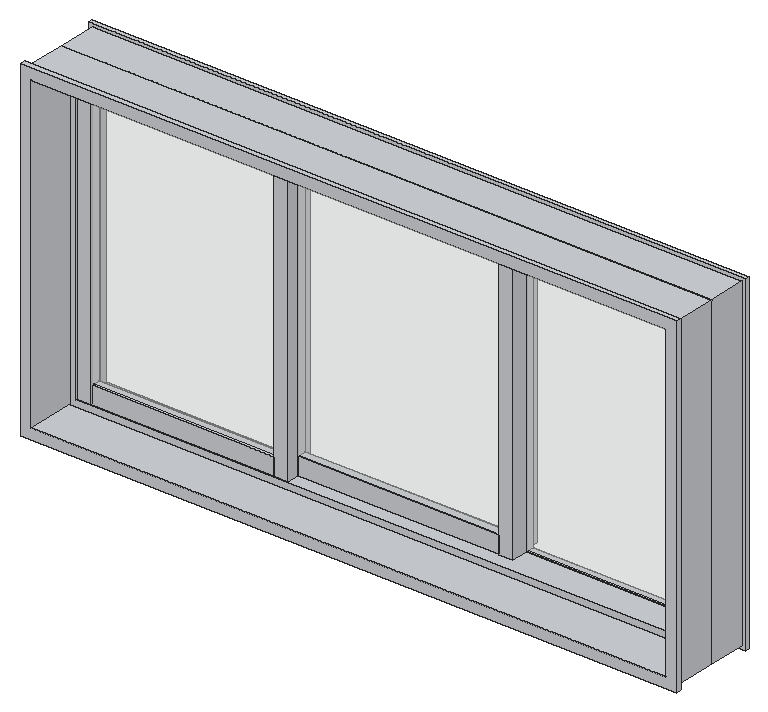
Revit family "APL Residential Thermal Heart Sliding Window SSF", category Windows, host Wall, Revit 2017 (continued)
Definition of nested family "APL Residential Thermal Heart Sliding Window SSF Vertical Section"
  Definition of nested family "Three Panel Head"
    Definition of nested family "65410_Frame"
      Lines and regions (mm)
        model lines, in view "Ref. Level"
          curve 779: line (128.493, -21.648, 0) -> (128.538, -21.816, 0)
          curve 780: line (128.538, -21.816, 0) -> (130.668, -22.49, 0)
          curve 781: line (130.668, -22.49, 0) -> (130.9, -22.5, 0)
          curve 782: line (131, -21.753, 0) -> (131, -18.525, 0)
          curve 783: line (131, -18.525, 0) -> (131.194, -17.75, 0)
          curve 784: line (131, -17.5, 0) -> (130.479, -17.5, 0)
          curve 785: line (130.479, -17.5, 0) -> (129.069, -18.309, 0)
          curve 786: line (128.5, -18.45, 0) -> (128.5, -16.874, 0)
          curve 787: line (128.5, -15.126, 0) -> (128.5, -13.55, 0)
          curve 788: line (129.069, -13.691, 0) -> (130.323, -14.456, 0)
          curve 789: line (130.323, -14.456, 0) -> (131, -14.5, 0)
          curve 790: line (131.194, -14.25, 0) -> (131, -13.5, 0)
          curve 791: line (131.006, -13.525, 0) -> (131, -10.247, 0)
          curve 792: line (130.746, -9.5, 0) -> (128.679, -10.043, 0)
          curve 793: line (128.679, -10.043, 0) -> (128.493, -10.352, 0)
          curve 794: line (128.159, -10.441, 0) -> (127.795, -10.078, 0)
          curve 795: line (127.708, -9.892, 0) -> (127.501, -7.526, 0)
          curve 796: line (127.903, -7.218, 0) -> (129.313, -7.732, 0)
          curve 797: line (130.083, -8, 0) -> (132.7, -8, 0)
          curve 798: line (132.9, -8.2, 0) -> (132.9, -11.3, 0)
          curve 799: line (133.1, -11.5, 0) -> (135.2, -11.5, 0)
          curve 800: line (135.4, -11.3, 0) -> (135.4, -10.2, 0)
          curve 801: line (135.6, -10, 0) -> (141.4, -10, 0)
          curve 802: line (141.4, -10, 0) -> (141.8, -10.4, 0)
          curve 803: line (141.8, -10.4, 0) -> (142.2, -10, 0)
          curve 804: line (142.2, -10, 0) -> (147.9, -10, 0)
          curve 805: line (148.1, -10.2, 0) -> (148.1, -11.1, 0)
          curve 806: line (148.3, -11.3, 0) -> (155.1, -11.3, 0)
          curve 807: line (155.6, -10.8, 0) -> (155.6, -9.5, 0)
          curve 808: line (155.4, -9.3, 0) -> (153.3, -9.3, 0)
          curve 809: line (153.1, -9.1, 0) -> (153.1, -8.2, 0)
          curve 810: line (153.3, -8, 0) -> (155.5, -8, 0)
          curve 811: line (156, -7.5, 0) -> (156, -1.2, 0)
          curve 812: line (156.5, -0.7, 0) -> (157.3, -0.7, 0)
          curve 813: line (157.5, -0.9, 0) -> (157.5, -1.7, 0)
          curve 814: line (157.5, -1.7, 0) -> (159.3, -1.7, 0)
          curve 815: line (159.5, -1.5, 0) -> (159.5, 3.4, 0)
          curve 816: line (159.5, 4.2, 0) -> (159.5, 9.1, 0)
          curve 817: line (159.3, 9.3, 0) -> (157.5, 9.3, 0)
          curve 818: line (157.5, 9.3, 0) -> (157.5, 8.7, 0)
          curve 819: line (156.5, 8.8, 0) -> (156.5, 11.35, 0)
          curve 820: line (157.5, 11.35, 0) -> (157.5, 10.5, 0)
          curve 821: line (157.7, 10.3, 0) -> (159.3, 10.3, 0)
          curve 822: line (159.5, 10.5, 0) -> (159.5, 11.704, 0)
          curve 823: arc (159.5, 11.704, 0) -> (159.473, 11.804, 0) -> (159.4, 11.877, 0) r 0.2
          curve 824: arc (116.2, -13.6, 0) -> (116.317, -13.883, 0) -> (116.6, -14, 0) r 0.4
          curve 825: arc (116.893, -14, 0) -> (116.996, -13.986, 0) -> (117.093, -13.946, 0) r 0.4
          curve 826: arc (118.621, -13.061, 0) -> (118.911, -12.941, 0) -> (119.222, -12.9, 0) r 1.2
          curve 827: arc (120.145, -12.9, 0) -> (120.718, -12.719, 0) -> (121.084, -12.242, 0) r 1
          curve 828: arc (121.877, -10.063, 0) -> (122.024, -9.872, 0) -> (122.253, -9.8, 0) r 0.4
          curve 829: arc (124.947, -9.8, 0) -> (125.176, -9.872, 0) -> (125.323, -10.063, 0) r 0.4
          curve 830: arc (126.116, -12.242, 0) -> (126.482, -12.719, 0) -> (127.055, -12.9, 0) r 1
          curve 831: arc (127.978, -12.9, 0) -> (128.289, -12.941, 0) -> (128.579, -13.061, 0) r 1.2
          curve 832: arc (130.107, -13.946, 0) -> (130.204, -13.986, 0) -> (130.307, -14, 0) r 0.4
          curve 833: arc (130.6, -14, 0) -> (130.883, -13.883, 0) -> (131, -13.6, 0) r 0.4
          curve 834: arc (131, -10.2, 0) -> (130.883, -9.917, 0) -> (130.6, -9.8, 0) r 0.4
          curve 835: arc (130.307, -9.8, 0) -> (130.204, -9.814, 0) -> (130.107, -9.854, 0) r 0.4
          curve 836: arc (128.579, -10.739, 0) -> (128.285, -10.86, 0) -> (127.97, -10.9, 0) r 1.2
          curve 837: arc (127.97, -10.9, 0) -> (127.795, -10.847, 0) -> (127.684, -10.703, 0) r 0.3
          curve 838: arc (126.796, -8.263, 0) -> (126.649, -8.072, 0) -> (126.42, -8, 0) r 0.4
          curve 839: arc (120.78, -8, 0) -> (120.551, -8.072, 0) -> (120.404, -8.263, 0) r 0.4
          curve 840: arc (119.516, -10.703, 0) -> (119.405, -10.847, 0) -> (119.23, -10.9, 0) r 0.3
          curve 841: arc (119.23, -10.9, 0) -> (118.915, -10.86, 0) -> (118.621, -10.739, 0) r 1.2
          curve 842: arc (117.093, -9.854, 0) -> (116.996, -9.814, 0) -> (116.893, -9.8, 0) r 0.4
          curve 843: arc (116.6, -9.8, 0) -> (116.317, -9.917, 0) -> (116.2, -10.2, 0) r 0.4
          curve 844: line (116.6, -14, 0) -> (116.893, -14, 0)
          curve 845: line (117.093, -13.946, 0) -> (118.621, -13.061, 0)
          curve 846: line (119.222, -12.9, 0) -> (120.145, -12.9, 0)
          curve 847: line (121.084, -12.242, 0) -> (121.877, -10.063, 0)
          curve 848: line (122.253, -9.8, 0) -> (124.947, -9.8, 0)
          curve 849: line (125.323, -10.063, 0) -> (126.116, -12.242, 0)
          curve 850: line (127.055, -12.9, 0) -> (127.978, -12.9, 0)
          curve 851: line (128.579, -13.061, 0) -> (130.107, -13.946, 0)
          curve 852: line (130.307, -14, 0) -> (130.6, -14, 0)
          curve 853: line (131, -13.6, 0) -> (131, -10.2, 0)
          curve 854: line (130.6, -9.8, 0) -> (130.307, -9.8, 0)
          curve 855: line (130.107, -9.854, 0) -> (128.579, -10.739, 0)
          curve 856: line (127.684, -10.703, 0) -> (126.796, -8.263, 0)
          curve 857: line (126.42, -8, 0) -> (120.78, -8, 0)
          curve 858: line (120.404, -8.263, 0) -> (119.516, -10.703, 0)
          curve 859: line (118.621, -10.739, 0) -> (117.093, -9.854, 0)
          curve 860: line (116.893, -9.8, 0) -> (116.6, -9.8, 0)
          curve 861: line (116.2, -10.2, 0) -> (116.2, -13.6, 0)
          curve 862: arc (116.2, -18.4, 0) -> (116.317, -18.117, 0) -> (116.6, -18, 0) r 0.4
          curve 863: arc (116.893, -18, 0) -> (116.996, -18.014, 0) -> (117.093, -18.054, 0) r 0.4
          curve 864: arc (118.621, -18.939, 0) -> (118.911, -19.059, 0) -> (119.222, -19.1, 0) r 1.2
          curve 865: arc (120.145, -19.1, 0) -> (120.718, -19.281, 0) -> (121.084, -19.758, 0) r 1
          curve 866: arc (121.877, -21.937, 0) -> (122.024, -22.128, 0) -> (122.253, -22.2, 0) r 0.4
          curve 867: arc (124.947, -22.2, 0) -> (125.176, -22.128, 0) -> (125.323, -21.937, 0) r 0.4
          curve 868: arc (126.116, -19.758, 0) -> (126.482, -19.281, 0) -> (127.055, -19.1, 0) r 1
          curve 869: arc (127.978, -19.1, 0) -> (128.289, -19.059, 0) -> (128.579, -18.939, 0) r 1.2
          curve 870: arc (130.107, -18.054, 0) -> (130.204, -18.014, 0) -> (130.307, -18, 0) r 0.4
          curve 871: arc (130.6, -18, 0) -> (130.883, -18.117, 0) -> (131, -18.4, 0) r 0.4
          curve 872: arc (131, -21.8, 0) -> (130.883, -22.083, 0) -> (130.6, -22.2, 0) r 0.4
          curve 873: arc (130.307, -22.2, 0) -> (130.204, -22.186, 0) -> (130.107, -22.146, 0) r 0.4
          curve 874: arc (128.579, -21.262, 0) -> (128.285, -21.14, 0) -> (127.97, -21.1, 0) r 1.2
          curve 875: arc (127.97, -21.1, 0) -> (127.795, -21.153, 0) -> (127.684, -21.297, 0) r 0.3
          curve 876: arc (126.796, -23.737, 0) -> (126.649, -23.928, 0) -> (126.42, -24, 0) r 0.4
          curve 877: arc (120.78, -24, 0) -> (120.551, -23.928, 0) -> (120.404, -23.737, 0) r 0.4
          curve 878: arc (119.516, -21.297, 0) -> (119.405, -21.153, 0) -> (119.23, -21.1, 0) r 0.3
          curve 879: arc (119.23, -21.1, 0) -> (118.915, -21.14, 0) -> (118.621, -21.262, 0) r 1.2
          curve 880: arc (117.093, -22.146, 0) -> (116.996, -22.186, 0) -> (116.893, -22.2, 0) r 0.4
          curve 881: arc (116.6, -22.2, 0) -> (116.317, -22.083, 0) -> (116.2, -21.8, 0) r 0.4
          curve 882: line (116.6, -18, 0) -> (116.893, -18, 0)
          curve 883: line (117.093, -18.054, 0) -> (118.621, -18.939, 0)
          curve 884: line (119.222, -19.1, 0) -> (120.145, -19.1, 0)
          curve 885: line (121.084, -19.758, 0) -> (121.877, -21.937, 0)
          curve 886: line (122.253, -22.2, 0) -> (124.947, -22.2, 0)
          curve 887: line (125.323, -21.937, 0) -> (126.116, -19.758, 0)
          curve 888: line (127.055, -19.1, 0) -> (127.978, -19.1, 0)
          curve 889: line (128.579, -18.939, 0) -> (130.107, -18.054, 0)
          curve 890: line (130.307, -18, 0) -> (130.6, -18, 0)
          curve 891: line (131, -18.4, 0) -> (131, -21.8, 0)
          curve 892: line (130.6, -22.2, 0) -> (130.307, -22.2, 0)
          curve 893: line (130.107, -22.146, 0) -> (128.579, -21.262, 0)
          curve 894: line (127.684, -21.297, 0) -> (126.796, -23.737, 0)
          curve 895: line (126.42, -24, 0) -> (120.78, -24, 0)
          curve 896: line (120.404, -23.737, 0) -> (119.516, -21.297, 0)
          curve 897: line (118.621, -21.262, 0) -> (117.093, -22.146, 0)
          curve 898: line (116.893, -22.2, 0) -> (116.6, -22.2, 0)
          curve 899: line (116.2, -21.8, 0) -> (116.2, -18.4, 0)
      Text (mm)
        text "65410" at (71.918, 37.65, 0), in view "Ref. Level"
Definition of nested family "APL Residential Thermal Heart Sliding Window SSF Horizontal Section"
  Parameters (values of type "Groove")
    Liner End [instance] = 10 mm
    Liner Block = Liner : Liner
    Liner [instance] = 100 mm
    Groove [instance] = 10 mm
    Glass Length [instance] = (Box Width / 3) - 26 mm  # 307.333 mm
    Glass Door Length [instance] = (Box Width / 3) - 95 mm  # 238.333 mm
    Glass Fixed Length [instance] = (Box Width / 3) - 45 mm  # 288.333 mm
    Box Width [instance] = 1000 mm
  Types (2, lengths in mm): name | Liner Block | Glass Length | Glass Door Length | Glass Fixed Length | Box Width
    Groove | Liner : Liner | 307.333 | 238.333 | 288.333 | 1000
    No Groove | Liner No Groove : Liner No Groove | 140.667 | 71.667 | 121.667 | 500
  Reference planes
    plane 1 "Center (Front/Back)": y = 40.148
    plane 2: z = 0
    plane 3 "Center (Left/Right)": x = -0.083
    plane 4: x = -500.083
    plane 5: x = 499.917
    plane 6: y = 197.297
    plane 7: y = 197.648
    plane 8: x = 507.417
    plane 9: y = 57.796
    plane 10: x = -166.75
    plane 11: x = 166.584
  Dimensions and locks
    equal spacing: plane 4, plane 3 "Center (Left/Right)", plane 5
    "Box Width": plane 4 to plane 5
    "Liner": plane 6 to nested 1
    "Liner": plane 7 to nested 2
    plane 8 to plane 5 = 7.5 mm
    equal spacing: plane 4, plane 10, plane 11, plane 5
    locked: plane 4 to nested 10 at 83.303
    locked: nested 11 to nested 10 at 6.062
    nested 9 to plane 10 to nested 3 = 12.372 mm locked, 13.593 mm locked
    locked: nested 9 to nested 8 at 5.965
    locked: nested 8 to nested 3 at 6.002
    locked: nested 4 to nested 7 at 6.023
    locked: nested 7 to nested 5 at 6.328
    nested 4 to plane 11 to nested 5 = 12.43 mm locked, 13.918 mm locked
    locked: nested 6 to nested 12 at 6.34
    locked: nested 6 to plane 5 at 30.34
    locked: nested 1 to nested 11 at 22.397
    locked: nested 12 to nested 2 at 22.396
    aligned and locked: plane 7 to nested 2
    aligned and locked: plane 5 to nested 12
  Nested families
    nested 1: "Liner" at (-479.48, 197.297, 0) x (0, 1, 0) z (0, 0, 1), type <- "Liner Block", type "Liner", in view "Ref. Level", detail levels fine
      with built-in parameter 1001306 0.32808 (stored number, unit not read)
    nested 2: "Liner" at (479.313, 197.648, 0) x (0, 1, 0) z (0, 0, 1), type <- "Liner Block", type "Liner", in view "Ref. Level", detail levels fine
      with built-in parameter 1001306 0.32808 (stored number, unit not read)
    nested 3: "Glass" at (-153.157, 117.798, 0) x (0, 1, 0) z (0, 0, 1), Glass Lenght <- "Glass Length", type "Glass", in view "Ref. Level", detail levels fine
      with Glass Lenght 307.333 mm
    nested 4: "Glass" at (154.153, 117.798, 0) x (0, 1, 0) z (0, 0, 1), Glass Lenght <- "Glass Length", type "Glass", in view "Ref. Level", detail levels fine
      with Glass Lenght 307.333 mm
    nested 5: "Glazing Bead" at (180.502, 55.648, 0) x (0, 1, 0) z (0, 0, 1), Glass Lenght <- "Glass Fixed Length", type "Glazing Bead", in view "Ref. Level", detail levels fine
      with Glass Lenght 288.333 mm
    nested 6: "Glazing Bead" at (469.577, 55.648, 0) x (0, 1, 0) z (0, 0, 1), Glass Lenght <- "Glass Fixed Length", type "Glazing Bead", in view "Ref. Level", detail levels fine
      with Glass Lenght 288.333 mm
    nested 7: "Heavy Duty Interlocker" at (166.584, 110.598, 0) x (-1, 0, 0) z (0, 0, 1), type "Heavy Duty Interlocker", in view "Ref. Level", detail levels fine
    nested 8: "Reverse Interlocker" at (-166.75, 156.597, 0) x (-1, 0, 0) z (0, 0, 1), type "Reverse Interlocker", in view "Ref. Level", detail levels fine
    nested 9: "Glass" at (-179.122, 163.797, 0) x (0, 1, 0) z (0, 0, 1), Glass Lenght <- "Glass Door Length", type "Glass", in view "Ref. Level", detail levels fine
      with Glass Lenght 238.333 mm
    nested 10: "Glass" at (-416.78, 163.797, 0) x (0, 1, 0) z (0, 0, 1), Glass Lenght <- "Glass Door Length", type "Glass", in view "Ref. Level", detail levels fine
      with Glass Lenght 238.333 mm
    nested 11: "Jamb Multislider Stile" at (-500.083, 39.797, 0) x (-1, 0, 0) z (0, 0, 1), type "Jamb Multislider Stile", in view "Ref. Level", detail levels fine
    nested 12: "Jamb Multislider Fixed" at (499.917, 40.148, 0) x (-1, 0, 0) z (0, 0, 1), type "Jamb Multislider Fixed", in view "Ref. Level", detail levels fine
  Definition of nested family "Liner"
    Parameters (values of type "Liner")
      Type Image = (empty or 0)
      built-in parameter 1001306 [instance] = 100 mm
      Groove [instance] = 10 mm
      End Liner [instance] = 10 mm
    Reference planes
      plane 1 "Center (Front/Back)": y = 0
      plane 2: z = 0
      plane 3 "Left": x = 0
      plane 4 "Right": x = 100
    Lines and regions (mm)
      Filled region 1, type "Brick", in view "Ref. Level"
        outline origin (0, 0, 0) x (1, 0, 0) y (0, 1, 0)
          loop
            line (0, 0) -> (120, 0) -> (120, 19) -> (110, 19) -> (110, 13.435) -> (100, 13.435) -> (100, 19) -> (0, 19) -> (0, 0)
      reference lines, in view "Ref. Level"
        curve 1: line (0, 0, 0) -> (100, 0, 0)
      detail lines, in view "Ref. Level", detail levels fine
        curve 2: line (100, 0, 0) -> (0, 0, 0)
    Dimensions and locks
      "built-in parameter 1001306": plane 3 "Left" to plane 4 "Right"
      locked: Filled region 1 to curve 2 at 19
      "Groove": plane 4 "Right" to Filled region 1
      "End Liner": Filled region 1 to Filled region 1
      aligned and locked: plane 1 "Center (Front/Back)" to curve 1
      aligned and locked: plane 3 "Left" to curve 1
      aligned and locked: plane 4 "Right" to curve 1
      aligned and locked: curve 1 to Filled region 1
      aligned and locked: plane 1 "Center (Front/Back)" to Filled region 1
      aligned and locked: Filled region 1 to plane 3 "Left"
    Automatic sketch dimensions
      curve 2 to plane 4 "Right" = 0 mm
      Filled region 1 sketch curve to plane 3 "Left" = 0 mm
      Filled region 1 sketch curve to plane 4 "Right" = 0 mm
      Filled region 1 sketch curve to Filled region 1 sketch curve = 10 mm  (x2)
      Filled region 1 sketch curve to plane 1 "Center (Front/Back)" = 0 mm
      Filled region 1 sketch curve to plane 1 "Center (Front/Back)" = 13.435 mm
      Filled region 1 sketch curve to Filled region 1 sketch curve = 5.565 mm  (x2)
      curve 2 to plane 3 "Left" = 0 mm
  Definition of nested family "Glass"
    Parameters (values of type "Glass")
      Glass Lenght [instance] = 50 mm
    Reference planes
      plane 1 "Center (Front/Back)": y = 0
      plane 2: z = 0
      plane 3 "Center (Left/Right)": x = 0
      plane 4: y = -50
    Lines and regions (mm)
      Filled region 1, type "Solid Fill - Black", in view "Ref. Level"
        outline origin (0, 0, 0) x (1, 0, 0) y (0, 1, 0)
          loop
            line (4, 0) -> (4, -12) -> (20, -12) -> (20, 0) -> (4, 0)
      model lines, in view "Ref. Level"
        curve 1: line (4, -12, 0) -> (20, -12, 0)
        curve 2: line (0, -50, 0) -> (0, 0, 0)
        curve 3: line (0, 0, 0) -> (24, 0, 0)
        curve 4: line (24, 0, 0) -> (24, -50, 0)
        curve 5: line (20, 0, 0) -> (20, -50, 0)
        curve 6: line (4, 0, 0) -> (4, -50, 0)
      detail lines, in view "Ref. Level"
        curve 7: arc (25, -11.728, 0) -> (24.979, -11.828, 0) -> (24.92, -11.912, 0) r 0.25
        curve 8: arc (24.161, -12.614, 0) -> (24.042, -12.78, 0) -> (24, -12.981, 0) r 0.5
        curve 9: arc (24, -14.404, 0) -> (24.088, -14.594, 0) -> (24.289, -14.651, 0) r 0.25
        curve 10: arc (28.489, -13.997, 0) -> (28.647, -13.904, 0) -> (28.699, -13.728, 0) r 0.25
        curve 11: arc (27.5, -9.1, 0) -> (27.711, -8.984, 0) -> (27.727, -8.744, 0) r 0.25
        curve 12: arc (26.033, -5.114, 0) -> (25.642, -4.858, 0) -> (25.24, -5.095, 0) r 0.442
        curve 13: arc (24.864, -5.812, 0) -> (24.414, -6.357, 0) -> (24.052, -6.964, 0) r 4.62
        curve 14: arc (24.052, -6.964, 0) -> (24.013, -7.073, 0) -> (24, -7.187, 0) r 0.5
        curve 15: arc (24, -7.743, 0) -> (24.132, -7.931, 0) -> (24.353, -7.871, 0) r 0.2
        curve 16: arc (24.353, -7.871, 0) -> (24.514, -7.711, 0) -> (24.702, -7.581, 0) r 1.262
        curve 17: arc (24.702, -7.581, 0) -> (24.901, -7.583, 0) -> (25, -7.756, 0) r 0.2
        curve 18: arc (25, -8.353, 0) -> (24.962, -8.543, 0) -> (24.855, -8.705, 0) r 0.5
        curve 19: arc (24.855, -8.705, 0) -> (24.408, -9.237, 0) -> (24.051, -9.833, 0) r 4.3
        curve 20: arc (24.051, -9.833, 0) -> (24.013, -9.941, 0) -> (24, -10.054, 0) r 0.5
        curve 21: arc (24, -10.668, 0) -> (24.137, -10.858, 0) -> (24.361, -10.787, 0) r 0.2
        curve 22: arc (24.361, -10.787, 0) -> (24.512, -10.617, 0) -> (24.69, -10.476, 0) r 1.288
        curve 23: arc (24.69, -10.476, 0) -> (24.895, -10.467, 0) -> (25, -10.643, 0) r 0.2
        curve 24: line (24.92, -11.912, 0) -> (24.161, -12.614, 0)
        curve 25: line (24, -12.981, 0) -> (24, -14.404, 0)
        curve 26: line (24.289, -14.651, 0) -> (28.489, -13.997, 0)
        curve 27: line (28.699, -13.728, 0) -> (28.548, -12, 0)
        curve 28: line (28.548, -12, 0) -> (27, -12, 0)
        curve 29: line (27, -12, 0) -> (27, -9.1, 0)
        curve 30: line (27, -9.1, 0) -> (27.5, -9.1, 0)
        curve 31: line (27.727, -8.744, 0) -> (26.033, -5.114, 0)
        curve 32: line (25.24, -5.095, 0) -> (24.864, -5.812, 0)
        curve 33: line (24, -7.187, 0) -> (24, -7.743, 0)
        curve 34: line (25, -7.756, 0) -> (25, -8.353, 0)
        curve 35: line (24, -10.054, 0) -> (24, -10.668, 0)
        curve 36: line (25, -10.643, 0) -> (25, -11.728, 0)
        curve 87: arc (-0.25, -13, 0) -> (0, -12.75, 0) -> (-0.25, -12.5, 0) r 0.25
        curve 88: arc (-0.25, -9.45, 0) -> (0, -9.2, 0) -> (-0.25, -8.95, 0) r 0.25
        curve 89: arc (-0.25, -8.281, 0) -> (0, -8.031, 0) -> (-0.25, -7.781, 0) r 0.25
        curve 90: arc (-0.25, -7.113, 0) -> (0, -6.863, 0) -> (-0.25, -6.613, 0) r 0.25
        curve 91: line (-0.25, -5.444, 0) -> (-1, -5.444, 0)
        curve 92: line (-1, -5.444, 0) -> (-1, -9.45, 0)
        curve 93: line (-1, -9.45, 0) -> (-2.2, -9.45, 0)
        curve 94: line (-2.2, -9.45, 0) -> (-2.2, -8.7, 0)
        curve 95: line (-2.2, -8.7, 0) -> (-2.8, -8.7, 0)
        curve 96: line (-2.8, -8.7, 0) -> (-2.8, -11.8, 0)
        curve 97: line (-2.8, -11.8, 0) -> (-2.2, -11.8, 0)
        curve 98: line (-2.2, -11.8, 0) -> (-2.2, -11.05, 0)
        curve 99: line (-2.2, -11.05, 0) -> (-1, -11.05, 0)
        curve 100: line (-1, -11.05, 0) -> (-1, -13, 0)
        curve 101: line (-1, -13, 0) -> (-0.25, -13, 0)
        curve 102: line (-0.25, -12.5, 0) -> (-0.25, -9.45, 0)
        curve 103: line (-0.25, -8.95, 0) -> (-0.25, -8.281, 0)
        curve 104: line (-0.25, -7.781, 0) -> (-0.25, -7.113, 0)
        curve 105: line (-0.25, -6.613, 0) -> (-0.25, -5.944, 0)
        curve 106: arc (-0.25, -5.944, 0) -> (0, -5.694, 0) -> (-0.25, -5.444, 0) r 0.25
      detail lines, in view "Ref. Level", not visible
        curve 37: arc (-0.25, -4.9, 0) -> (0, -5.15, 0) -> (-0.25, -5.4, 0) r 0.25
        curve 38: arc (-0.25, -8.45, 0) -> (0, -8.7, 0) -> (-0.25, -8.95, 0) r 0.25
        curve 39: arc (-0.25, -9.619, 0) -> (0, -9.869, 0) -> (-0.25, -10.119, 0) r 0.25
        curve 40: arc (-0.25, -10.787, 0) -> (0, -11.037, 0) -> (-0.25, -11.287, 0) r 0.25
        curve 41: line (-0.25, -12.456, 0) -> (-1, -12.456, 0)
        curve 42: line (-1, -12.456, 0) -> (-1, -8.45, 0)
        curve 43: line (-1, -8.45, 0) -> (-2.2, -8.45, 0)
        curve 44: line (-2.2, -8.45, 0) -> (-2.2, -9.2, 0)
        curve 45: line (-2.2, -9.2, 0) -> (-2.8, -9.2, 0)
        curve 46: line (-2.8, -9.2, 0) -> (-2.8, -6.1, 0)
        curve 47: line (-2.8, -6.1, 0) -> (-2.2, -6.1, 0)
        curve 48: line (-2.2, -6.1, 0) -> (-2.2, -6.85, 0)
        curve 49: line (-2.2, -6.85, 0) -> (-1, -6.85, 0)
        curve 50: line (-1, -6.85, 0) -> (-1, -4.9, 0)
        curve 51: line (-1, -4.9, 0) -> (-0.25, -4.9, 0)
        curve 52: line (-0.25, -5.4, 0) -> (-0.25, -8.45, 0)
        curve 53: line (-0.25, -8.95, 0) -> (-0.25, -9.619, 0)
        curve 54: line (-0.25, -10.119, 0) -> (-0.25, -10.787, 0)
        curve 55: line (-0.25, -11.287, 0) -> (-0.25, -11.956, 0)
        curve 56: arc (-0.25, -11.956, 0) -> (0, -12.206, 0) -> (-0.25, -12.456, 0) r 0.25
        curve 57: arc (25, -10.728, 0) -> (24.979, -10.828, 0) -> (24.92, -10.912, 0) r 0.25
        curve 58: arc (24.161, -11.614, 0) -> (24.042, -11.78, 0) -> (24, -11.981, 0) r 0.5
        curve 59: arc (24, -13.404, 0) -> (24.088, -13.594, 0) -> (24.289, -13.651, 0) r 0.25
        curve 60: arc (28.489, -12.997, 0) -> (28.647, -12.904, 0) -> (28.699, -12.728, 0) r 0.25
        curve 61: arc (27.5, -8.1, 0) -> (27.711, -7.984, 0) -> (27.727, -7.744, 0) r 0.25
        curve 62: arc (26.033, -4.114, 0) -> (25.642, -3.858, 0) -> (25.24, -4.095, 0) r 0.442
        curve 63: arc (24.864, -4.812, 0) -> (24.414, -5.357, 0) -> (24.052, -5.964, 0) r 4.62
        curve 64: arc (24.052, -5.964, 0) -> (24.013, -6.073, 0) -> (24, -6.187, 0) r 0.5
        curve 65: arc (24, -6.743, 0) -> (24.132, -6.931, 0) -> (24.353, -6.871, 0) r 0.2
        curve 66: arc (24.353, -6.871, 0) -> (24.514, -6.711, 0) -> (24.702, -6.581, 0) r 1.262
        curve 67: arc (24.702, -6.581, 0) -> (24.901, -6.583, 0) -> (25, -6.756, 0) r 0.2
        curve 68: arc (25, -7.353, 0) -> (24.962, -7.543, 0) -> (24.855, -7.705, 0) r 0.5
        curve 69: arc (24.855, -7.705, 0) -> (24.408, -8.237, 0) -> (24.051, -8.833, 0) r 4.3
        curve 70: arc (24.051, -8.833, 0) -> (24.013, -8.941, 0) -> (24, -9.054, 0) r 0.5
        curve 71: arc (24, -9.668, 0) -> (24.137, -9.858, 0) -> (24.361, -9.787, 0) r 0.2
        curve 72: arc (24.361, -9.787, 0) -> (24.512, -9.617, 0) -> (24.69, -9.476, 0) r 1.288
        curve 73: arc (24.69, -9.476, 0) -> (24.895, -9.467, 0) -> (25, -9.643, 0) r 0.2
        curve 74: line (24.92, -10.912, 0) -> (24.161, -11.614, 0)
        curve 75: line (24, -11.981, 0) -> (24, -13.404, 0)
        curve 76: line (24.289, -13.651, 0) -> (28.489, -12.997, 0)
        curve 77: line (28.699, -12.728, 0) -> (28.548, -11, 0)
        curve 78: line (28.548, -11, 0) -> (27, -11, 0)
        curve 79: line (27, -11, 0) -> (27, -8.1, 0)
        curve 80: line (27, -8.1, 0) -> (27.5, -8.1, 0)
        curve 81: line (27.727, -7.744, 0) -> (26.033, -4.114, 0)
        curve 82: line (25.24, -4.095, 0) -> (24.864, -4.812, 0)
        curve 83: line (24, -6.187, 0) -> (24, -6.743, 0)
        curve 84: line (25, -6.756, 0) -> (25, -7.353, 0)
        curve 85: line (24, -9.054, 0) -> (24, -9.668, 0)
        curve 86: line (25, -9.643, 0) -> (25, -10.728, 0)
    Dimensions and locks
      "Glass Lenght": plane 1 "Center (Front/Back)" to plane 4
      aligned and locked: plane 4 to curve 2
      aligned and locked: plane 1 "Center (Front/Back)" to Filled region 1 sketch curve
      aligned and locked: Filled region 1 sketch curve to curve 6
      aligned and locked: Filled region 1 sketch curve to curve 1
      aligned and locked: Filled region 1 sketch curve to curve 5
    Automatic sketch dimensions
      plane 1 "Center (Front/Back)" to curve 2 = 0 mm
      curve 2 to plane 3 "Center (Left/Right)" = 0 mm
      curve 6 to plane 4 = 0 mm
      curve 5 to plane 4 = 0 mm
      curve 4 to plane 4 = 0 mm
      curve 5 to curve 3 = 4 mm
      curve 1 to curve 1 = 16 mm
      plane 1 "Center (Front/Back)" to curve 1 = 12 mm
      plane 3 "Center (Left/Right)" to curve 6 = 4 mm
  Definition of nested family "Glazing Bead"
    Parameters (values of type "Glazing Bead")
      Glass Lenght [instance] = 50 mm
    Reference planes
      plane 1 "Center (Front/Back)": y = 0
      plane 2: z = 0
      plane 3 "Center (Left/Right)": x = 0
      plane 4: y = -50
    Lines and regions (mm)
      Filled region 1, type "Solid Fill - Black", in view "Ref. Level"
        outline origin (0, 0, 0) x (1, 0, 0) y (0, 1, 0)
          loop
            line (4, 0) -> (4, -12) -> (20, -12) -> (20, 0) -> (4, 0)
      model lines, in view "Ref. Level"
        curve 1: line (4, -12, 0) -> (20, -12, 0)
        curve 2: line (0, -50, 0) -> (0, 0, 0)
        curve 3: line (0, 0, 0) -> (24, 0, 0)
        curve 4: line (24, 0, 0) -> (24, -50, 0)
        curve 5: line (20, 0, 0) -> (20, -50, 0)
        curve 6: line (4, 0, 0) -> (4, -50, 0)
      detail lines, in view "Ref. Level"
        curve 7: arc (-0.25, -4.9, 0) -> (0, -5.15, 0) -> (-0.25, -5.4, 0) r 0.25
        curve 8: arc (-0.25, -8.45, 0) -> (0, -8.7, 0) -> (-0.25, -8.95, 0) r 0.25
        curve 9: arc (-0.25, -9.619, 0) -> (0, -9.869, 0) -> (-0.25, -10.119, 0) r 0.25
        curve 10: arc (-0.25, -10.787, 0) -> (0, -11.037, 0) -> (-0.25, -11.287, 0) r 0.25
        curve 11: line (-0.25, -12.456, 0) -> (-1, -12.456, 0)
        curve 12: line (-1, -12.456, 0) -> (-1, -8.45, 0)
        curve 13: line (-1, -8.45, 0) -> (-2.2, -8.45, 0)
        curve 14: line (-2.2, -8.45, 0) -> (-2.2, -9.2, 0)
        curve 15: line (-2.2, -9.2, 0) -> (-2.8, -9.2, 0)
        curve 16: line (-2.8, -9.2, 0) -> (-2.8, -6.1, 0)
        curve 17: line (-2.8, -6.1, 0) -> (-2.2, -6.1, 0)
        curve 18: line (-2.2, -6.1, 0) -> (-2.2, -6.85, 0)
        curve 19: line (-2.2, -6.85, 0) -> (-1, -6.85, 0)
        curve 20: line (-1, -6.85, 0) -> (-1, -4.9, 0)
        curve 21: line (-1, -4.9, 0) -> (-0.25, -4.9, 0)
        curve 22: line (-0.25, -5.4, 0) -> (-0.25, -8.45, 0)
        curve 23: line (-0.25, -8.95, 0) -> (-0.25, -9.619, 0)
        curve 24: line (-0.25, -10.119, 0) -> (-0.25, -10.787, 0)
        curve 25: line (-0.25, -11.287, 0) -> (-0.25, -11.956, 0)
        curve 26: arc (-0.25, -11.956, 0) -> (0, -12.206, 0) -> (-0.25, -12.456, 0) r 0.25
      detail lines, in view "Ref. Level", not visible
        curve 27: arc (-0.25, -4.9, 0) -> (0, -5.15, 0) -> (-0.25, -5.4, 0) r 0.25
        curve 28: arc (-0.25, -8.45, 0) -> (0, -8.7, 0) -> (-0.25, -8.95, 0) r 0.25
        curve 29: arc (-0.25, -9.619, 0) -> (0, -9.869, 0) -> (-0.25, -10.119, 0) r 0.25
        curve 30: arc (-0.25, -10.787, 0) -> (0, -11.037, 0) -> (-0.25, -11.287, 0) r 0.25
        curve 31: line (-0.25, -12.456, 0) -> (-1, -12.456, 0)
        curve 32: line (-1, -12.456, 0) -> (-1, -8.45, 0)
        curve 33: line (-1, -8.45, 0) -> (-2.2, -8.45, 0)
        curve 34: line (-2.2, -8.45, 0) -> (-2.2, -9.2, 0)
        curve 35: line (-2.2, -9.2, 0) -> (-2.8, -9.2, 0)
        curve 36: line (-2.8, -9.2, 0) -> (-2.8, -6.1, 0)
        curve 37: line (-2.8, -6.1, 0) -> (-2.2, -6.1, 0)
        curve 38: line (-2.2, -6.1, 0) -> (-2.2, -6.85, 0)
        curve 39: line (-2.2, -6.85, 0) -> (-1, -6.85, 0)
        curve 40: line (-1, -6.85, 0) -> (-1, -4.9, 0)
        curve 41: line (-1, -4.9, 0) -> (-0.25, -4.9, 0)
        curve 42: line (-0.25, -5.4, 0) -> (-0.25, -8.45, 0)
        curve 43: line (-0.25, -8.95, 0) -> (-0.25, -9.619, 0)
        curve 44: line (-0.25, -10.119, 0) -> (-0.25, -10.787, 0)
        curve 45: line (-0.25, -11.287, 0) -> (-0.25, -11.956, 0)
        curve 46: arc (-0.25, -11.956, 0) -> (0, -12.206, 0) -> (-0.25, -12.456, 0) r 0.25
        curve 47: arc (62.983, -3.041, 0) -> (62.673, -2.901, 0) -> (62.511, -3.2, 0) r 0.25
        curve 48: arc (62.537, -13.088, 0) -> (62.7, -13.387, 0) -> (63.01, -13.247, 0) r 0.25
        curve 49: line (62.511, -3.2, 0) -> (63.505, -7.068, 0)
        curve 50: line (63.505, -7.068, 0) -> (62.502, -7.647, 0)
        curve 51: line (62.502, -7.647, 0) -> (62.502, -8.647, 0)
        curve 52: line (62.502, -8.647, 0) -> (63.527, -9.239, 0)
        curve 53: line (63.527, -9.239, 0) -> (62.537, -13.088, 0)
        curve 54: line (63.01, -13.247, 0) -> (64.734, -9.147, 0)
        curve 55: line (64.734, -9.147, 0) -> (66.002, -9.147, 0)
        curve 56: line (66.002, -9.147, 0) -> (66.002, -10.397, 0)
        curve 57: line (66.002, -10.397, 0) -> (67.002, -10.397, 0)
        curve 58: line (67.002, -10.397, 0) -> (67.002, -5.897, 0)
        curve 59: line (67.002, -5.897, 0) -> (66.002, -5.897, 0)
        curve 60: line (66.002, -5.897, 0) -> (66.002, -7.147, 0)
        curve 61: line (66.002, -7.147, 0) -> (64.71, -7.147, 0)
        curve 62: line (64.71, -7.147, 0) -> (62.983, -3.041, 0)
    Dimensions and locks
      "Glass Lenght": plane 1 "Center (Front/Back)" to plane 4
      aligned and locked: plane 4 to curve 2
      aligned and locked: plane 1 "Center (Front/Back)" to Filled region 1 sketch curve
      aligned and locked: Filled region 1 sketch curve to curve 6
      aligned and locked: Filled region 1 sketch curve to curve 1
      aligned and locked: Filled region 1 sketch curve to curve 5
    Automatic sketch dimensions
      plane 1 "Center (Front/Back)" to curve 2 = 0 mm
      curve 2 to plane 3 "Center (Left/Right)" = 0 mm
      curve 6 to plane 4 = 0 mm
      curve 5 to plane 4 = 0 mm
      curve 4 to plane 4 = 0 mm
      curve 5 to curve 3 = 4 mm
      plane 3 "Center (Left/Right)" to curve 1 = 4 mm
      curve 6 to curve 5 = 16 mm
      plane 1 "Center (Front/Back)" to curve 1 = 12 mm
    Nested families
      nested 1: "65015_Bead" at (-15.5, 6.328, 0), type "65015_Bead", in view "Ref. Level"
    Definition of nested family "65015_Bead"
      Reference planes
        plane 1 "Center (Front/Back)": y = 0
        plane 2: z = 0
        plane 3 "Center (Left/Right)": x = 0
      Lines and regions (mm)
        model lines, in view "Ref. Level"
          curve 1: arc (13.5, 12.78, 0) -> (13.558, 12.92, 0) -> (13.698, 12.978, 0) r 0.198
          curve 2: arc (14.302, 12.978, 0) -> (14.442, 12.918, 0) -> (14.5, 12.777, 0) r 0.201
          curve 3: arc (14.5, 10.175, 0) -> (14.442, 10.036, 0) -> (14.302, 9.978, 0) r 0.198
          curve 4: arc (13.698, 9.978, 0) -> (13.558, 10.036, 0) -> (13.5, 10.175, 0) r 0.198
          curve 5: arc (13.5, 11.027, 0) -> (13.442, 11.169, 0) -> (13.3, 11.228, 0) r 0.2
          curve 6: arc (12.7, 11.228, 0) -> (11.851, 11.579, 0) -> (11.5, 12.428, 0) r 1.2
          curve 7: arc (11.5, 13.628, 0) -> (11.377, 13.813, 0) -> (11.159, 13.769, 0) r 0.2
          curve 8: arc (1.546, 4.157, 0) -> (1.438, 3.995, 0) -> (1.4, 3.804, 0) r 0.5
          curve 9: arc (1.4, 1.817, 0) -> (1.467, 1.567, 0) -> (1.65, 1.384, 0) r 0.5
          curve 10: arc (10.675, -3.827, 0) -> (10.913, -4.714, 0) -> (10.025, -4.952, 0) r 0.65
          curve 11: arc (3.306, -1.073, 0) -> (2.928, -1.023, 0) -> (2.624, -1.254, 0) r 0.5
          curve 12: arc (2.587, -2.129, 0) -> (2.248, -2.45, 0) -> (1.791, -2.352, 0) r 0.5
          curve 13: arc (1.518, -2.123, 0) -> (1.466, -2.054, 0) -> (1.447, -1.97, 0) r 0.2
          curve 14: arc (1.447, -1.115, 0) -> (1.476, -1.011, 0) -> (1.555, -0.938, 0) r 0.2
          curve 15: arc (1.555, -0.938, 0) -> (1.717, -0.809, 0) -> (1.82, -0.63, 0) r 0.55
          curve 16: arc (1.82, -0.63, 0) -> (1.825, -0.452, 0) -> (1.729, -0.302, 0) r 0.3
          curve 17: arc (0.2, 0, 0) -> (0.059, 0.059, 0) -> (0, 0.2, 0) r 0.2
          curve 18: arc (0, 4.383, 0) -> (0.038, 4.575, 0) -> (0.146, 4.737, 0) r 0.5
          curve 19: arc (14.159, 18.749, 0) -> (14.377, 18.792, 0) -> (14.5, 18.608, 0) r 0.2
          curve 20: arc (14.5, 15.172, 0) -> (14.442, 15.034, 0) -> (14.303, 14.978, 0) r 0.194
          curve 21: arc (13.698, 14.978, 0) -> (13.559, 15.038, 0) -> (13.5, 15.177, 0) r 0.203
          curve 22: arc (13.5, 15.528, 0) -> (13.441, 15.669, 0) -> (13.3, 15.728, 0) r 0.201
          curve 23: arc (12.7, 15.728, 0) -> (12.559, 15.669, 0) -> (12.5, 15.528, 0) r 0.2
          curve 24: arc (12.5, 12.428, 0) -> (12.559, 12.286, 0) -> (12.7, 12.228, 0) r 0.2
          curve 25: line (13.5, 12.428, 0) -> (13.5, 12.78, 0)
          curve 26: line (13.698, 12.978, 0) -> (14.302, 12.978, 0)
          curve 27: line (14.5, 12.777, 0) -> (14.5, 10.175, 0)
          curve 28: line (14.302, 9.978, 0) -> (13.698, 9.978, 0)
          curve 29: line (13.5, 10.175, 0) -> (13.5, 11.027, 0)
          curve 30: line (13.3, 11.228, 0) -> (12.7, 11.228, 0)
          curve 31: line (11.5, 12.428, 0) -> (11.5, 13.628, 0)
          curve 32: line (11.159, 13.769, 0) -> (1.546, 4.157, 0)
          curve 33: line (1.4, 3.804, 0) -> (1.4, 1.817, 0)
          curve 34: line (1.65, 1.384, 0) -> (10.675, -3.827, 0)
          curve 35: line (10.025, -4.952, 0) -> (3.306, -1.073, 0)
          curve 36: line (2.597, -1.355, 0) -> (2.597, -2.065, 0)
          curve 37: line (1.791, -2.352, 0) -> (1.518, -2.123, 0)
          curve 38: line (1.518, -2.123, 0) -> (1.447, -1.115, 0)
          curve 39: line (1.729, -0.302, 0) -> (1.425, -0.047, 0)
          curve 40: line (1.425, -0.047, 0) -> (0.2, 0, 0)
          curve 41: line (0, 0.2, 0) -> (0, 4.383, 0)
          curve 42: line (0.146, 4.737, 0) -> (14.159, 18.749, 0)
          curve 43: line (14.5, 18.608, 0) -> (14.5, 15.172, 0)
          curve 44: line (14.303, 14.978, 0) -> (13.698, 14.978, 0)
          curve 45: line (13.5, 15.177, 0) -> (13.5, 15.528, 0)
          curve 46: line (13.3, 15.728, 0) -> (12.7, 15.728, 0)
          curve 47: line (12.5, 15.528, 0) -> (12.5, 12.428, 0)
          curve 48: line (12.7, 12.228, 0) -> (13.3, 12.228, 0)
          curve 49: arc (13.3, 12.228, 0) -> (13.441, 12.286, 0) -> (13.5, 12.428, 0) r 0.2
      Text (mm)
        text "65015" at (32.01, 10.207, 0), in view "Ref. Level"
  Definition of nested family "Heavy Duty Interlocker"
    Reference planes
      plane 1 "Center (Front/Back)": y = 0
      plane 2: z = 0
      plane 3 "Center (Left/Right)": x = 0
    Lines and regions (mm)
      detail lines, in view "Ref. Level", not visible
        curve 1: arc (33.161, -9.933, 0) -> (32.851, -9.793, 0) -> (32.689, -10.092, 0) r 0.25
        curve 2: arc (32.715, -19.98, 0) -> (32.877, -20.279, 0) -> (33.188, -20.139, 0) r 0.25
        curve 3: line (32.689, -10.092, 0) -> (33.683, -13.959, 0)
        curve 4: line (33.683, -13.959, 0) -> (32.679, -14.539, 0)
        curve 5: line (32.679, -14.539, 0) -> (32.679, -15.539, 0)
        curve 6: line (32.679, -15.539, 0) -> (33.705, -16.131, 0)
        curve 7: line (33.705, -16.131, 0) -> (32.715, -19.98, 0)
        curve 8: line (33.188, -20.139, 0) -> (34.912, -16.039, 0)
        curve 9: line (34.912, -16.039, 0) -> (36.179, -16.039, 0)
        curve 10: line (36.179, -16.039, 0) -> (36.179, -17.289, 0)
        curve 11: line (36.179, -17.289, 0) -> (37.179, -17.289, 0)
        curve 12: line (37.179, -17.289, 0) -> (37.179, -12.789, 0)
        curve 13: line (37.179, -12.789, 0) -> (36.179, -12.789, 0)
        curve 14: line (36.179, -12.789, 0) -> (36.179, -14.039, 0)
        curve 15: line (36.179, -14.039, 0) -> (34.887, -14.039, 0)
        curve 16: line (34.887, -14.039, 0) -> (33.161, -9.933, 0)
        curve 33: arc (33.161, -9.933, 0) -> (32.851, -9.793, 0) -> (32.689, -10.092, 0) r 0.25
        curve 34: arc (32.715, -19.98, 0) -> (32.877, -20.279, 0) -> (33.188, -20.139, 0) r 0.25
        curve 35: line (32.689, -10.092, 0) -> (33.683, -13.959, 0)
        curve 36: line (33.683, -13.959, 0) -> (32.679, -14.539, 0)
        curve 37: line (32.679, -14.539, 0) -> (32.679, -15.539, 0)
        curve 38: line (32.679, -15.539, 0) -> (33.705, -16.131, 0)
        curve 39: line (33.705, -16.131, 0) -> (32.715, -19.98, 0)
        curve 40: line (33.188, -20.139, 0) -> (34.912, -16.039, 0)
        curve 41: line (34.912, -16.039, 0) -> (36.179, -16.039, 0)
        curve 42: line (36.179, -16.039, 0) -> (36.179, -17.289, 0)
        curve 43: line (36.179, -17.289, 0) -> (37.179, -17.289, 0)
        curve 44: line (37.179, -17.289, 0) -> (37.179, -12.789, 0)
        curve 45: line (37.179, -12.789, 0) -> (36.179, -12.789, 0)
        curve 46: line (36.179, -12.789, 0) -> (36.179, -14.039, 0)
        curve 47: line (36.179, -14.039, 0) -> (34.887, -14.039, 0)
        curve 48: line (34.887, -14.039, 0) -> (33.161, -9.933, 0)
      detail lines, in view "Ref. Level"
        curve 17: arc (-27.911, -29.665, 0) -> (-28.051, -29.975, 0) -> (-27.752, -30.138, 0) r 0.25
        curve 18: arc (-17.864, -30.111, 0) -> (-17.565, -29.949, 0) -> (-17.705, -29.639, 0) r 0.25
        curve 19: line (-27.752, -30.138, 0) -> (-23.885, -29.144, 0)
        curve 20: line (-23.885, -29.144, 0) -> (-23.305, -30.147, 0)
        curve 21: line (-23.305, -30.147, 0) -> (-22.305, -30.147, 0)
        curve 22: line (-22.305, -30.147, 0) -> (-21.714, -29.122, 0)
        curve 23: line (-21.714, -29.122, 0) -> (-17.864, -30.111, 0)
        curve 24: line (-17.705, -29.639, 0) -> (-21.805, -27.915, 0)
        curve 25: line (-21.805, -27.915, 0) -> (-21.805, -26.647, 0)
        curve 26: line (-21.805, -26.647, 0) -> (-20.555, -26.647, 0)
        curve 27: line (-20.555, -26.647, 0) -> (-20.555, -25.647, 0)
        curve 28: line (-20.555, -25.647, 0) -> (-25.055, -25.647, 0)
        curve 29: line (-25.055, -25.647, 0) -> (-25.055, -26.647, 0)
        curve 30: line (-25.055, -26.647, 0) -> (-23.805, -26.647, 0)
        curve 31: line (-23.805, -26.647, 0) -> (-23.805, -27.939, 0)
        curve 32: line (-23.805, -27.939, 0) -> (-27.911, -29.665, 0)
    Nested families
      nested 1: "65500_Interlocker Stile" at (-26.59, -6.05, 0) x (-1, 0, 0) z (0, 0, 1), type "65500_Interlocker Stile", in view "Ref. Level"
      nested 2: "65430_Interlocker Mullion" at (25.41, 0.05, 0), type "65430_Interlocker Mullion", in view "Ref. Level"
    Definition of nested family "65500_Interlocker Stile"
      Reference planes
        plane 1 "Center (Front/Back)": y = 0
        plane 2: z = 0
        plane 3 "Center (Left/Right)": x = 0
      Lines and regions (mm)
        model lines, in view "Ref. Level"
          curve 1: arc (-13.564, 1.218, 0) -> (-13.278, 1.262, 0) -> (-13.162, 1.526, 0) r 0.3
          curve 2: arc (-13.369, 3.892, 0) -> (-13.396, 3.992, 0) -> (-13.456, 4.078, 0) r 0.3
          curve 3: arc (-13.819, 4.441, 0) -> (-14.013, 4.493, 0) -> (-14.154, 4.352, 0) r 0.2
          curve 4: arc (-14.199, 4.184, 0) -> (-14.251, 4.095, 0) -> (-14.34, 4.043, 0) r 0.2
          curve 5: arc (-16.561, 3.5, 0) -> (-16.841, 3.693, 0) -> (-16.761, 4.024, 0) r 0.3
          curve 6: arc (-16.761, 4.024, 0) -> (-16.687, 4.125, 0) -> (-16.661, 4.247, 0) r 0.3
          curve 7: arc (-16.855, 8.25, 0) -> (-16.819, 8.422, 0) -> (-16.661, 8.5, 0) r 0.2
          curve 8: arc (-16.14, 8.5, 0) -> (-16.059, 8.489, 0) -> (-15.983, 8.456, 0) r 0.3
          curve 9: arc (-14.73, 7.691, 0) -> (-14.733, 7.521, 0) -> (-14.627, 7.389, 0) r 0.25
          curve 10: arc (-14.541, 7.337, 0) -> (-14.289, 7.332, 0) -> (-14.161, 7.549, 0) r 0.25
          curve 11: arc (-14.161, 7.8, 0) -> (-14.102, 7.941, 0) -> (-13.961, 8, 0) r 0.2
          curve 12: arc (-13.688, 8, 0) -> (-13.573, 8.036, 0) -> (-13.5, 8.132, 0) r 0.2
          curve 13: arc (-13.266, 8.775, 0) -> (-13.244, 8.859, 0) -> (-13.236, 8.946, 0) r 0.5
          curve 14: arc (-13.236, 9.9, 0) -> (-13.382, 10.254, 0) -> (-13.736, 10.4, 0) r 0.5
          curve 15: arc (-24.052, 10.4, 0) -> (-24.41, 10.544, 0) -> (-24.559, 10.9, 0) r 0.5
          curve 16: arc (-24.559, 14.446, 0) -> (-24.704, 14.802, 0) -> (-25.059, 14.95, 0) r 0.5
          curve 17: arc (-27.408, 14.95, 0) -> (-27.627, 14.823, 0) -> (-27.622, 14.57, 0) r 0.25
          curve 18: arc (-27.57, 14.484, 0) -> (-27.437, 14.378, 0) -> (-27.268, 14.381, 0) r 0.25
          curve 19: arc (-26.503, 13.127, 0) -> (-26.47, 13.052, 0) -> (-26.459, 12.971, 0) r 0.3
          curve 20: arc (-26.459, 12.45, 0) -> (-26.536, 12.292, 0) -> (-26.709, 12.256, 0) r 0.2
          curve 21: arc (-30.711, 12.45, 0) -> (-30.834, 12.424, 0) -> (-30.935, 12.35, 0) r 0.3
          curve 22: arc (-30.935, 12.35, 0) -> (-31.266, 12.27, 0) -> (-31.459, 12.55, 0) r 0.3
          curve 23: arc (-30.916, 14.771, 0) -> (-30.864, 14.86, 0) -> (-30.774, 14.912, 0) r 0.2
          curve 24: arc (-30.607, 14.957, 0) -> (-30.465, 15.098, 0) -> (-30.517, 15.291, 0) r 0.2
          curve 25: arc (-30.881, 15.655, 0) -> (-30.966, 15.715, 0) -> (-31.067, 15.742, 0) r 0.3
          curve 26: arc (-33.432, 15.949, 0) -> (-33.697, 15.833, 0) -> (-33.741, 15.547, 0) r 0.3
          curve 27: arc (-33.227, 14.137, 0) -> (-33.14, 14.011, 0) -> (-33.002, 13.945, 0) r 0.3
          curve 28: arc (-33.002, 13.945, 0) -> (-32.759, 13.672, 0) -> (-32.959, 13.367, 0) r 0.3
          curve 29: arc (-32.959, 12.624, 0) -> (-33.017, 12.482, 0) -> (-33.159, 12.424, 0) r 0.2
          curve 30: arc (-35.159, 12.424, 0) -> (-35.512, 12.277, 0) -> (-35.659, 11.924, 0) r 0.5
          curve 31: arc (-35.659, 10.05, 0) -> (-35.717, 9.908, 0) -> (-35.859, 9.85, 0) r 0.2
          curve 32: arc (-45.581, 9.85, 0) -> (-45.935, 9.996, 0) -> (-46.081, 10.349, 0) r 0.499
          curve 33: arc (-46.081, 10.75, 0) -> (-45.935, 11.104, 0) -> (-45.581, 11.25, 0) r 0.5
          curve 34: arc (-44.831, 11.25, 0) -> (-44.69, 11.309, 0) -> (-44.631, 11.45, 0) r 0.2
          curve 35: arc (-44.631, 12.05, 0) -> (-44.69, 12.191, 0) -> (-44.831, 12.25, 0) r 0.2
          curve 36: arc (-47.931, 12.25, 0) -> (-48.072, 12.191, 0) -> (-48.131, 12.05, 0) r 0.2
          curve 37: arc (-48.131, 11.45, 0) -> (-48.072, 11.309, 0) -> (-47.931, 11.25, 0) r 0.2
          curve 38: arc (-47.581, 11.25, 0) -> (-47.44, 11.191, 0) -> (-47.381, 11.05, 0) r 0.2
          curve 39: arc (-47.381, 10.45, 0) -> (-47.44, 10.309, 0) -> (-47.581, 10.25, 0) r 0.2
          curve 40: arc (-47.931, 10.25, 0) -> (-48.072, 10.191, 0) -> (-48.131, 10.05, 0) r 0.2
          curve 41: arc (-48.131, 9.749, 0) -> (-48.277, 9.395, 0) -> (-48.631, 9.249, 0) r 0.5
          curve 42: arc (-49.631, 9.249, 0) -> (-49.985, 9.395, 0) -> (-50.131, 9.749, 0) r 0.5
          curve 43: arc (-50.131, 10.05, 0) -> (-50.19, 10.191, 0) -> (-50.331, 10.25, 0) r 0.2
          curve 44: arc (-50.681, 10.25, 0) -> (-50.822, 10.309, 0) -> (-50.881, 10.45, 0) r 0.2
          curve 45: arc (-50.881, 11.05, 0) -> (-50.822, 11.191, 0) -> (-50.681, 11.25, 0) r 0.2
          curve 46: arc (-50.331, 11.25, 0) -> (-50.19, 11.309, 0) -> (-50.131, 11.45, 0) r 0.2
          curve 47: arc (-50.131, 12.05, 0) -> (-50.19, 12.191, 0) -> (-50.331, 12.25, 0) r 0.2
          curve 48: arc (-51.761, 12.25, 0) -> (-51.902, 12.191, 0) -> (-51.961, 12.05, 0) r 0.2
          curve 49: arc (-52.336, 8.799, 0) -> (-52.711, 8.424, 0) -> (-52.336, 8.049, 0) r 0.375
          curve 50: arc (-33.059, 8.05, 0) -> (-32.559, 8.55, 0) -> (-33.059, 9.05, 0) r 0.5
          curve 51: arc (-33.959, 9.05, 0) -> (-34.1, 9.109, 0) -> (-34.159, 9.25, 0) r 0.2
          curve 52: arc (-34.159, 10.35, 0) -> (-34.1, 10.491, 0) -> (-33.959, 10.55, 0) r 0.2
          curve 53: arc (-26.659, 10.55, 0) -> (-26.517, 10.491, 0) -> (-26.459, 10.35, 0) r 0.2
          curve 54: arc (-26.459, 9.25, 0) -> (-26.517, 9.109, 0) -> (-26.659, 9.05, 0) r 0.2
          curve 55: arc (-27.559, 9.05, 0) -> (-28.059, 8.55, 0) -> (-27.559, 8.05, 0) r 0.5
          curve 56: arc (-19.061, 8.05, 0) -> (-18.707, 7.904, 0) -> (-18.561, 7.55, 0) r 0.5
          curve 57: arc (-18.561, 2.6, 0) -> (-18.854, 1.893, 0) -> (-19.561, 1.6, 0) r 1
          curve 58: arc (-28.809, 1.6, 0) -> (-29.609, 0.8, 0) -> (-28.809, 0, 0) r 0.8
          curve 59: arc (-17.661, 0, 0) -> (-16.954, 0.293, 0) -> (-16.661, 1, 0) r 1
          curve 60: arc (-16.661, 1.8, 0) -> (-16.602, 1.941, 0) -> (-16.461, 2, 0) r 0.2
          curve 61: arc (-15.744, 2, 0) -> (-15.438, 2.199, 0) -> (-15.166, 1.957, 0) r 0.3
          curve 62: arc (-15.166, 1.957, 0) -> (-15.1, 1.819, 0) -> (-14.974, 1.732, 0) r 0.3
          curve 63: line (-13.162, 1.526, 0) -> (-13.369, 3.892, 0)
          curve 64: line (-13.456, 4.078, 0) -> (-13.819, 4.441, 0)
          curve 65: line (-14.154, 4.352, 0) -> (-14.199, 4.184, 0)
          curve 66: line (-14.199, 4.184, 0) -> (-16.329, 3.51, 0)
          curve 67: line (-16.329, 3.51, 0) -> (-16.561, 3.5, 0)
          curve 68: line (-16.661, 4.247, 0) -> (-16.661, 7.475, 0)
          curve 69: line (-16.661, 7.475, 0) -> (-16.855, 8.25, 0)
          curve 70: line (-16.661, 8.5, 0) -> (-16.14, 8.5, 0)
          curve 71: line (-16.14, 8.5, 0) -> (-14.73, 7.691, 0)
          curve 72: line (-14.161, 7.549, 0) -> (-14.161, 7.8, 0)
          curve 73: line (-13.961, 8, 0) -> (-13.688, 8, 0)
          curve 74: line (-13.5, 8.132, 0) -> (-13.266, 8.775, 0)
          curve 75: line (-13.236, 8.946, 0) -> (-13.236, 9.9, 0)
          curve 76: line (-13.736, 10.4, 0) -> (-24.052, 10.4, 0)
          curve 77: line (-24.559, 10.9, 0) -> (-24.559, 14.446, 0)
          curve 78: line (-25.059, 14.95, 0) -> (-27.408, 14.95, 0)
          curve 79: line (-27.268, 14.381, 0) -> (-26.503, 13.127, 0)
          curve 80: line (-26.503, 13.127, 0) -> (-26.459, 12.45, 0)
          curve 81: line (-26.709, 12.256, 0) -> (-27.459, 12.45, 0)
          curve 82: line (-27.434, 12.444, 0) -> (-30.711, 12.45, 0)
          curve 83: line (-31.459, 12.704, 0) -> (-30.916, 14.771, 0)
          curve 84: line (-30.916, 14.771, 0) -> (-30.607, 14.957, 0)
          curve 85: line (-30.517, 15.291, 0) -> (-30.881, 15.655, 0)
          curve 86: line (-31.067, 15.742, 0) -> (-33.432, 15.949, 0)
          curve 87: line (-33.741, 15.547, 0) -> (-33.227, 14.137, 0)
          curve 88: line (-32.959, 13.367, 0) -> (-32.959, 12.624, 0)
          curve 89: line (-33.159, 12.424, 0) -> (-35.159, 12.424, 0)
          curve 90: line (-35.659, 11.924, 0) -> (-35.659, 10.05, 0)
          curve 91: line (-35.859, 9.85, 0) -> (-45.581, 9.85, 0)
          curve 92: line (-46.081, 10.349, 0) -> (-46.081, 10.75, 0)
          curve 93: line (-45.581, 11.25, 0) -> (-44.831, 11.25, 0)
          curve 94: line (-44.631, 11.45, 0) -> (-44.631, 12.05, 0)
          curve 95: line (-44.831, 12.25, 0) -> (-47.931, 12.25, 0)
          curve 96: line (-48.131, 12.05, 0) -> (-48.131, 11.45, 0)
          curve 97: line (-47.931, 11.25, 0) -> (-47.581, 11.25, 0)
          curve 98: line (-47.381, 11.05, 0) -> (-47.381, 10.45, 0)
          curve 99: line (-47.581, 10.25, 0) -> (-47.931, 10.25, 0)
          curve 100: line (-48.131, 10.05, 0) -> (-48.131, 9.749, 0)
          curve 101: line (-48.631, 9.249, 0) -> (-49.631, 9.249, 0)
          curve 102: line (-50.131, 9.749, 0) -> (-50.131, 10.05, 0)
          curve 103: line (-50.331, 10.25, 0) -> (-50.681, 10.25, 0)
          curve 104: line (-50.881, 10.45, 0) -> (-50.881, 11.05, 0)
          curve 105: line (-50.681, 11.25, 0) -> (-50.331, 11.25, 0)
          curve 106: line (-50.131, 11.45, 0) -> (-50.131, 12.05, 0)
          curve 107: line (-50.331, 12.25, 0) -> (-51.761, 12.25, 0)
          curve 108: line (-51.961, 12.05, 0) -> (-51.961, 8.799, 0)
          curve 109: line (-51.961, 8.799, 0) -> (-52.336, 8.799, 0)
          curve 110: line (-52.336, 8.049, 0) -> (-33.059, 8.049, 0)
          curve 111: line (-33.059, 9.05, 0) -> (-33.959, 9.05, 0)
          curve 112: line (-34.159, 9.25, 0) -> (-34.159, 10.35, 0)
          curve 113: line (-33.959, 10.55, 0) -> (-26.659, 10.55, 0)
          curve 114: line (-26.459, 10.35, 0) -> (-26.459, 9.25, 0)
          curve 115: line (-26.659, 9.05, 0) -> (-27.559, 9.05, 0)
          curve 116: line (-27.559, 8.05, 0) -> (-19.061, 8.05, 0)
          curve 117: line (-18.561, 7.55, 0) -> (-18.561, 2.6, 0)
          curve 118: line (-19.561, 1.6, 0) -> (-28.809, 1.6, 0)
          curve 119: line (-28.809, 0, 0) -> (-17.661, 0, 0)
          curve 120: line (-16.661, 1, 0) -> (-16.661, 1.8, 0)
          curve 121: line (-16.461, 2, 0) -> (-15.744, 2, 0)
          curve 122: line (-14.974, 1.732, 0) -> (-13.564, 1.218, 0)
          curve 123: arc (-31.398, 41.7, 0) -> (-31.251, 42.054, 0) -> (-30.898, 42.2, 0) r 0.5
          curve 124: arc (-2.1, 42.2, 0) -> (-1.746, 42.054, 0) -> (-1.6, 41.7, 0) r 0.5
          curve 125: arc (-1.6, 10.9, 0) -> (-1.746, 10.546, 0) -> (-2.1, 10.4, 0) r 0.5
          curve 126: arc (-4.86, 10.4, 0) -> (-5.213, 10.254, 0) -> (-5.36, 9.9, 0) r 0.5
          curve 127: arc (-5.36, 9.042, 0) -> (-5.352, 8.955, 0) -> (-5.33, 8.871, 0) r 0.5
          curve 128: arc (-5.061, 8.132, 0) -> (-4.987, 8.036, 0) -> (-4.873, 8, 0) r 0.2
          curve 129: arc (-4.6, 8, 0) -> (-4.459, 7.941, 0) -> (-4.4, 7.8, 0) r 0.2
          curve 130: arc (-4.4, 7.55, 0) -> (-4.272, 7.332, 0) -> (-4.02, 7.337, 0) r 0.25
          curve 131: arc (-3.934, 7.389, 0) -> (-3.828, 7.521, 0) -> (-3.831, 7.691, 0) r 0.25
          curve 132: arc (-2.577, 8.456, 0) -> (-2.502, 8.489, 0) -> (-2.421, 8.5, 0) r 0.3
          curve 133: arc (-1.9, 8.5, 0) -> (-1.742, 8.422, 0) -> (-1.706, 8.25, 0) r 0.2
          curve 134: arc (-1.9, 4.247, 0) -> (-1.874, 4.125, 0) -> (-1.8, 4.024, 0) r 0.3
          curve 135: arc (-1.8, 4.024, 0) -> (-1.72, 3.693, 0) -> (-2, 3.5, 0) r 0.3
          curve 136: arc (-4.221, 4.043, 0) -> (-4.31, 4.095, 0) -> (-4.362, 4.184, 0) r 0.2
          curve 137: arc (-4.407, 4.352, 0) -> (-4.548, 4.493, 0) -> (-4.741, 4.441, 0) r 0.2
          curve 138: arc (-5.105, 4.078, 0) -> (-5.165, 3.992, 0) -> (-5.192, 3.892, 0) r 0.3
          curve 139: arc (-5.399, 1.526, 0) -> (-5.283, 1.262, 0) -> (-4.997, 1.218, 0) r 0.3
          curve 140: arc (-3.587, 1.732, 0) -> (-3.461, 1.819, 0) -> (-3.395, 1.957, 0) r 0.3
          curve 141: arc (-3.395, 1.957, 0) -> (-3.122, 2.199, 0) -> (-2.817, 2, 0) r 0.3
          curve 142: arc (-2.1, 2, 0) -> (-1.959, 1.941, 0) -> (-1.9, 1.8, 0) r 0.2
          curve 143: arc (-1.9, 1, 0) -> (-1.607, 0.293, 0) -> (-0.9, 0, 0) r 1
          curve 144: arc (-0.5, 0, 0) -> (-0.146, 0.146, 0) -> (0, 0.5, 0) r 0.5
          curve 145: arc (0, 43, 0) -> (-0.293, 43.707, 0) -> (-1, 44, 0) r 1
          curve 146: arc (-52.375, 44, 0) -> (-52.75, 43.625, 0) -> (-52.375, 43.25, 0) r 0.375
          curve 147: arc (-52, 42.15, 0) -> (-51.941, 42.009, 0) -> (-51.8, 41.95, 0) r 0.2
          curve 148: arc (-50.962, 40.688, 0) -> (-50.917, 40.558, 0) -> (-50.797, 40.488, 0) r 0.2
          curve 149: arc (-48.613, 40.25, 0) -> (-48.454, 40.328, 0) -> (-48.42, 40.502, 0) r 0.2
          curve 150: arc (-48.808, 41.948, 0) -> (-48.773, 42.122, 0) -> (-48.615, 42.2, 0) r 0.2
          curve 151: arc (-33.498, 42.2, 0) -> (-33.144, 42.054, 0) -> (-32.998, 41.7, 0) r 0.5
          curve 152: arc (-32.998, 35.05, 0) -> (-32.939, 34.909, 0) -> (-32.798, 34.85, 0) r 0.2
          curve 153: arc (-26.398, 34.85, 0) -> (-26.256, 34.792, 0) -> (-26.198, 34.65, 0) r 0.2
          curve 154: arc (-26.198, 29.353, 0) -> (-26.255, 29.21, 0) -> (-26.398, 29.15, 0) r 0.2
          curve 155: arc (-32.798, 29.15, 0) -> (-32.939, 29.091, 0) -> (-32.998, 28.95, 0) r 0.2
          curve 156: arc (-32.998, 26.333, 0) -> (-32.799, 26.028, 0) -> (-33.041, 25.755, 0) r 0.3
          curve 157: arc (-33.041, 25.755, 0) -> (-33.179, 25.689, 0) -> (-33.266, 25.563, 0) r 0.3
          curve 158: arc (-33.78, 24.153, 0) -> (-33.736, 23.867, 0) -> (-33.472, 23.751, 0) r 0.3
          curve 159: arc (-31.106, 23.958, 0) -> (-31.005, 23.985, 0) -> (-30.92, 24.045, 0) r 0.3
          curve 160: arc (-30.556, 24.409, 0) -> (-30.505, 24.602, 0) -> (-30.646, 24.743, 0) r 0.2
          curve 161: arc (-30.813, 24.788, 0) -> (-30.903, 24.84, 0) -> (-30.955, 24.929, 0) r 0.2
          curve 162: arc (-31.498, 27.15, 0) -> (-31.305, 27.43, 0) -> (-30.974, 27.35, 0) r 0.3
          curve 163: arc (-30.974, 27.35, 0) -> (-30.873, 27.276, 0) -> (-30.75, 27.25, 0) r 0.3
          curve 164: arc (-26.748, 27.444, 0) -> (-26.575, 27.408, 0) -> (-26.498, 27.25, 0) r 0.2
          curve 165: arc (-26.498, 26.729, 0) -> (-26.509, 26.648, 0) -> (-26.542, 26.573, 0) r 0.3
          curve 166: arc (-27.307, 25.319, 0) -> (-27.477, 25.322, 0) -> (-27.609, 25.216, 0) r 0.25
          curve 167: arc (-27.661, 25.13, 0) -> (-27.666, 24.878, 0) -> (-27.448, 24.75, 0) r 0.25
          curve 168: arc (-25.098, 24.75, 0) -> (-24.744, 24.896, 0) -> (-24.598, 25.25, 0) r 0.5
          curve 169: arc (-24.598, 36.25, 0) -> (-24.656, 36.391, 0) -> (-24.798, 36.45, 0) r 0.2
          curve 170: line (-31.398, 36.65, 0) -> (-31.398, 41.7, 0)
          curve 171: line (-30.898, 42.2, 0) -> (-2.1, 42.2, 0)
          curve 172: line (-1.6, 41.7, 0) -> (-1.6, 10.9, 0)
          curve 173: line (-2.1, 10.4, 0) -> (-4.86, 10.4, 0)
          curve 174: line (-5.36, 9.9, 0) -> (-5.36, 9.042, 0)
          curve 175: line (-5.33, 8.871, 0) -> (-5.061, 8.132, 0)
          curve 176: line (-4.873, 8, 0) -> (-4.6, 8, 0)
